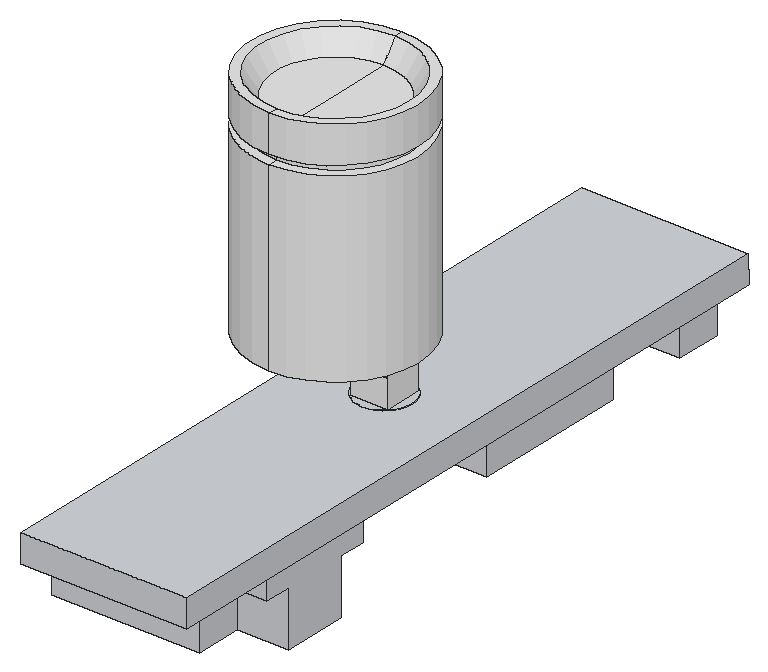
Revit family "EURS_63_LF_FB_StyliD Evo Compact ST770X_PHI", category Lighting Fixtures, host Face, Revit 2016
Family settings
  Host = Face
  Part Type = Normal
  Round Connector Dimension = Use Diameter
  Cut with Voids When Loaded = No
  Light Source = No
  Shared = Yes
  Room Calculation Point = No
Parameters (values of type "Type catalog")
  Width = 380 mm
  Voltage (V) = 230 V
  Visibility 2D symbol [instance] = not(Visibility 2D outline)  # yes
  Visibility 2D outline [instance] = no
  Rotation XZ = 0.00°
  Rotation XY = 90.00°
  Rim height = 60 mm
  Product catalog - URL = "WEBPAGE MODEL"
  Order code = "ORDER CODE"
  Light source = 2 mm
  Length = 90 mm
  Last IES update = "DATE"
  Height = 230 mm
  Fixture code = "FIXTURE CODE"
  ETIM code URL = "https://prod.etim-international.com/Class/Details?classId=EC001744&classVersion=7"
  ETIM code = "EC001744"
  EOC = "EOC CODE"
  Diameter = Length  # 90 mm
  Wattage Comments = ""
  URL = "http://www.lighting.philips.com/main/home"
  Type Comments = "Track Mount"
  Model = "ST770X"
  Manufacturer = "Philips"
  Light loss factor = ""
  Lamp = "LAMP NAME"
  Initial luminous flux (lm) = ""
  Init. Corr. Color Temperature (K) = ""
  Description = "StyliD Evo Compact"
  Default Elevation = 0 mm
  Content version = "1.0"
  Content modified date = "DATE"
  Content creation date = "26-09-2019"
  Content Creator = "https://www.cadac.com/bimcontent"
  Constraint XZ = if(Rotation XZ < 0.00°, 0.00°, if(Rotation XZ > 355.00°, 355.00°, Rotation XZ))  # 0.00°
  Constraint XY = if(Rotation XY < 15.00°, 15.00°, if(Rotation XY > 140.00°, 140.00°, Rotation XY))  # 90.00°
  Ceiling thickness = 12.5 mm
  BIM Library - URL = "http://www.lighting.philips.com/main/support/support/revit-library#page=1"
  Assembly Code = ""
  Armatuurcode [instance] = ""
  Apparent Load = 18 VA
  12NC = "12NC CODE"
Reference planes
  plane 1 "Center (Front/Back)": y = 0
  plane 2: z = 0
  plane 3 "Center (Left/Right)": x = 0
  plane 4 "Cadac Group AEC": y = 0
  plane 5 "left": x = -45
  plane 6 "right": x = 45
  plane 7 "front": y = -190
  plane 8 "back": y = 190
  plane 9: z = 60
  plane 10: z = -12.5
  plane 11: x = -40
  plane 12: x = 40
  plane 13: z = 230
Forms (mm)
  Extrusion 1, solid
    sketch origin (0, 0, 0) x (1, 0, 0) y (0, 0, 1)
      loop
        line (-45, 60) -> (-45, 45) -> (45, 45) -> (45, 60) -> (-45, 60)
    from 190 to -190
  Extrusion 2, solid
    sketch origin (0, 0, 0) x (0, 1, 0) y (0, 0, 1)
      loop
        line (-64.716, 45) -> (-129.716, 45) -> (-129.716, 30) -> (-114.716, 30) -> (-114.716, 0) -> (-79.716, 0) -> (-79.716, 30) -> (-64.716, 30) -> (-64.716, 45)
      loop
        line (19.385, 45) -> (19.385, 25) -> (104.385, 25) -> (104.385, 45) -> (19.385, 45)
      loop
        line (175, 45) -> (150, 45) -> (150, 25) -> (175, 25) -> (175, 45)
      loop
        line (-175, 45) -> (-175, 25) -> (-150, 25) -> (-150, 45) -> (-175, 45)
    from 40 to -40
Lines and regions (mm)
  reference lines
    curve 1: line (0, 0, 60) -> (0, 155, 60)
Dimensions and locks
  equal spacing: plane 8 "back", plane 1 "Center (Front/Back)", plane 7 "front"
  "Width": plane 7 "front" to plane 8 "back"
  "Rim height": host face to plane 9
  "Ceiling thickness": plane 10 to plane 2
  equal spacing: plane 5 "left", plane 3 "Center (Left/Right)", plane 6 "right"
  "Length": plane 5 "left" to plane 6 "right"
  equal spacing: plane 12, plane 3 "Center (Left/Right)", plane 11
  plane 11 to plane 12 = 80 mm
  "Height": plane 13 to plane 2
  Extrusion 1 sketch curve to Extrusion 1 sketch curve = 15 mm
  "Constraint XZ": angle curve 1 to plane 3 "Center (Left/Right)"
  aligned and locked: plane 2 to host face
  aligned and locked: level to host face
  aligned and locked: plane 4 "Cadac Group AEC" to plane 1 "Center (Front/Back)"
  aligned and locked: nested 2 to curve 1
  aligned and locked: plane 3 "Center (Left/Right)" to curve 1
  aligned and locked: plane 1 "Center (Front/Back)" to curve 1
  aligned and locked: plane 9 to Extrusion 1 sketch curve
  aligned and locked: plane 8 "back" to Extrusion 1
  aligned and locked: plane 7 "front" to Extrusion 1
  aligned and locked: Extrusion 2 to plane 12
  aligned and locked: plane 11 to Extrusion 2
Automatic sketch dimensions
  host sketch curve to host sketch curve = 727.065 mm
  host sketch curve to host sketch curve = 619.519 mm
  Extrusion 1 sketch curve to plane 5 "left" = 0 mm
  plane 6 "right" to Extrusion 1 sketch curve = 0 mm
  Extrusion 2 sketch curve to level = 0 mm
  Extrusion 2 sketch curve to plane 7 "front" = 15 mm
  Extrusion 2 sketch curve to Extrusion 2 sketch curve = 25 mm
  Extrusion 2 sketch curve to Extrusion 2 sketch curve = 20.284 mm
  Extrusion 2 sketch curve to Extrusion 2 sketch curve = 15 mm  (x3)
  Extrusion 2 sketch curve to Extrusion 2 sketch curve = 35 mm
  Extrusion 2 sketch curve to plane 1 "Center (Front/Back)" = 19.385 mm
  plane 9 to Extrusion 2 sketch curve = 15 mm  (x3)
  Extrusion 2 sketch curve to Extrusion 2 sketch curve = 85 mm
  Extrusion 2 sketch curve to plane 8 "back" = 40 mm
  Extrusion 2 sketch curve to plane 8 "back" = 15 mm
  Extrusion 2 sketch curve to Extrusion 2 sketch curve = 20 mm  (x2)
  level to Extrusion 2 sketch curve = 25 mm
  Extrusion 2 sketch curve to Extrusion 2 sketch curve = 5 mm
  level to Extrusion 2 sketch curve = 30 mm
Nested families
  nested 1: "2D-PL-Rond" at (0, 0, 0), visible <- "Visibility 2D outline", Diameters <- "Length", type "2D symbool"
    with Diameters 90 mm
  nested 2: "63_PHILIPS_Spot_StyliD" at (0, 0, 60) x (0, 1, 0) z (0, 0, -1), rotation angle ZX <- "Constraint XY", type "Spot"
    with rotation angle ZX 90.00°, spot offset 31 mm, height spot top 45 mm
  nested 3: "2D-PL-Rond + symbool + pijl" at (0, 0, 0) x (0, 1, 0) z (0, 0, 1), Diameters <- "Diameter", visible <- "Visibility 2D symbol", Constraint XZ <- "Constraint XZ", type "2D symbool"
    with radius 45 mm, Diameters 90 mm, Constraint XZ 0.00°
  nested 4: "2D-PL-peil" at (0, 0, 0) x (0, -1, 0) z (0, 0, 1), type "2D symbool"
Connectors
  electrical at (0, 0, 0), driven by "Apparent Load", driven by "Voltage (V)"
    settings: index 1, voltage 230 V, apparent load 0 VA, apparent load phase1 18 VA, apparent load phase2 0 VA, apparent load phase3 0 VA, power factor 1, load classification "Lighting", number of poles 1, system type 31, power factor state 1, is connector primary yes, connector utility no, sub classification motor no, connector description ""
Definition of nested family "63_PHILIPS_Spot_StyliD"
  Parameters (values of type "Spot")
    spot offset = 36 mm
    rotation angle ZX [instance] = 90.00°
    height spot top = 55 mm
    height spot middle = 10 mm
    height spot = 125 mm
    Radius = 45 mm
    ceiling thickness = 12.5 mm
    Wattage Comments = ""
    URL = "http://www.ecat.lighting.philips.com/l"
    Type Comments = "surface mounted"
    Model = "XXX RS530B"
    Manufacturer = "Philips"
    Description = "XXX LuxSpace"
    Default Elevation = 2800 mm
    Assembly Code = ""
  Reference planes
    plane 1 "Center (Front/Back)": y = 0
    plane 2: z = 0
    plane 3 "Center (Left/Right)": x = 0
    plane 4 "Cadac Group AEC": y = 0
    plane 5: z = 12.5
    plane 6: z = 12.5
    plane 7: z = -14
    plane 8: z = -50
  Forms (mm)
    Extrusion 1, solid
      sketch origin (0, 0, 0) x (1, 0, 0) y (0, 1, 0)
        loop
          line (-350, 290) -> (-350, -329.519) -> (377.065, -329.519) -> (377.065, 290) -> (-350, 290)
      from 0 to 12.5 <- "ceiling thickness"
    Revolve 2, solid
      sketch origin (0, 0, -14) x (0, 0, -1) y (1, 0, 0)
        loop
          line (36, -33) -> (149.915, -33) -> (149.915, 0) -> (161, 7) -> (161, 12) -> (141, 12) -> (141, 7) -> (136, 7) -> (136, 12) -> (36, 12) -> (36, -33)
        axis (36, -33) -> (161, -33)
      angle from 0 to 360
    Extrusion 3, solid
      sketch origin (0, 0, -55) x (0, 0, -1) y (1, 0, 0)
        loop
          line (-5, -6) -> (-5, 6) -> (-31.642, 6)
          arc (-31.642, 6) -> (-50.288, 0) -> (-31.642, -6) r 10.288
          line (-31.642, -6) -> (-5, -6)
      from -5 to 5
    Extrusion 4, solid
      sketch origin (0, 0, -11) x (-1, 0, 0) y (0, 0, -1)
        loop
          line (-10.381, -11) -> (10.381, -11) -> (10.381, 4)
          arc (10.381, 4) -> (0, 14.381) -> (-10.381, 4) r 10.381
          line (-10.381, 4) -> (-10.381, -11)
      from 10 to -10
    Extrusion 5, solid
      sketch origin (0, 0, 0) x (1, 0, 0) y (0, 1, 0)
        loop
          circle (0, 0) r 15
      from 0 to 5
  Lines and regions (mm)
    reference lines
      curve 1: line (0, 0, -14) -> (0, 0, -144)
      curve 2: line (0, 0, -14) -> (-108, 0, -14)
      curve 3: line (12, 0, -175) -> (-108, 0, -175)
      curve 4: line (-108, 0, -175) -> (-108, 0, -14)
      curve 5: line (12, 0, -50) -> (-108, 0, -50)
      curve 6: line (12, 0, -14) -> (12, 0, -175)
      curve 7: line (-48, 0, -175) -> (-48, 0, -14)
  Dimensions and locks
    "spot offset": curve 2 to curve 5
    curve 1 to curve 6 = 12 mm
    plane 8 to Extrusion 1 = 50 mm
    curve 3 to Revolve 2 sketch curve = 11.085 mm
    Revolve 2 sketch curve to curve 6 = 5 mm
    Revolve 2 sketch curve to Revolve 2 sketch curve = 20 mm
    Revolve 2 sketch curve to Revolve 2 sketch curve = 12 mm
    Revolve 2 sketch curve to Revolve 2 sketch curve = 5 mm
    "height spot": Revolve 2 sketch curve to Revolve 2 sketch curve
    "height spot": curve 3 to curve 5
    "rotation angle ZX": angle curve 1 to plane 7
    aligned and locked: plane 2 to Extrusion 1
    aligned and locked: level to Extrusion 1
    aligned and locked: plane 4 "Cadac Group AEC" to plane 1 "Center (Front/Back)"
    aligned and locked: plane 3 "Center (Left/Right)" to curve 1
    aligned and locked: Revolve 2 sketch curve to Revolve 2 sketch curve
    aligned and locked: Revolve 2 sketch curve to curve 3
    aligned and locked: Revolve 2 sketch curve to curve 6  (x2)
  Automatic sketch dimensions
    Extrusion 1 sketch curve to Extrusion 1 sketch curve = 727.065 mm
    Extrusion 1 sketch curve to Extrusion 1 sketch curve = 619.519 mm
    Extrusion 4 sketch curve to level = 0 mm
    plane 7 to Extrusion 4 sketch curve = 1 mm
    Extrusion 4 sketch curve to plane 3 "Center (Left/Right)" = 0 mm
    plane 3 "Center (Left/Right)" to Extrusion 4 sketch curve = 10.381 mm
    plane 1 "Center (Front/Back)" to Extrusion 5 sketch curve = 0 mm
    Extrusion 5 sketch curve to plane 3 "Center (Left/Right)" = 0 mm
    curve 1 to Extrusion 3 sketch curve = 0 mm
    curve 1 to Extrusion 3 sketch curve = 9.358 mm  (x2)
    curve 1 to Extrusion 3 sketch curve = 6 mm
    curve 1 to Extrusion 3 sketch curve = 1 mm
    Extrusion 3 sketch curve to Extrusion 3 sketch curve = 26.642 mm
    curve 1 to plane 7 = 0 mm
    curve 2 to curve 1 = 0 mm  (x2)
    curve 6 to curve 1 = 0 mm
    curve 2 to curve 1 = 108 mm
    curve 7 to curve 1 = 48 mm
    Revolve 2 sketch curve to curve 1 = 0 mm
    Revolve 2 sketch curve to curve 1 = 33 mm
    Revolve 2 sketch curve to Revolve 2 sketch curve = 5 mm
    Revolve 2 sketch curve to Revolve 2 sketch curve = 12.347 mm
    radius of Extrusion 5 sketch curve = 15 mm
  Connectors
    electrical at (0, 0, 0)
      settings: index 1, voltage 230 V, apparent load 0 VA, apparent load phase1 18 VA, apparent load phase2 0 VA, apparent load phase3 0 VA, power factor 1, load classification none, number of poles 1, system type 31, power factor state 1, is connector primary yes, connector utility no, sub classification motor no, connector description ""
Definition of nested family "2D-PL-Rond"
  Parameters (values of type "2D symbool")
    Diameters [instance] = 250 mm
    Description = "Armatuur symbool"
    Copyright © Cadac = "www.cadac.com/aec"
    Cadac content versie = ""
    Assembly Code = ""
  Reference planes
    plane 1 "Center (Front/Back)": y = 0
    plane 2: z = 0
    plane 3 "Center (Left/Right)": x = 0
  Lines and regions (mm)
    symbolic lines
      curve 1: circle (0, 0, 0) r 125 normal (0, 0, 1)
  Dimensions and locks
    "Diameters": diameter of curve 1
  Automatic sketch dimensions
    plane 1 "Center (Front/Back)" to curve 1 = 0 mm
    curve 1 to plane 3 "Center (Left/Right)" = 0 mm
Definition of nested family "2D-PL-Rond + symbool + pijl"
  Parameters (values of type "2D symbool")
    radius [instance] = Diameters / 2  # 125 mm
    Visibility 2D symbol = yes
    Diameters [instance] = 250 mm
    Description = "Armatuur symbool"
    Copyright © Cadac = "www.cadac.com/aec"
    Constraint XZ [instance] = 0.00°
    Cadac content versie = ""
    Assembly Code = ""
  Reference planes
    plane 1 "Center (Front/Back)": y = 0
    plane 2: z = 0
    plane 3 "Center (Left/Right)": x = 0
  Lines and regions (mm)
    symbolic lines
      curve 1: circle (0, 0, 0) r 125 normal (0, 0, 1)
    reference lines
      curve 2: line (0, 0, 0) -> (125, 0, 0)
  Dimensions and locks
    "Diameters": diameter of curve 1
    "Constraint XZ": angle curve 2 to plane 1 "Center (Front/Back)"
  Automatic sketch dimensions
    plane 1 "Center (Front/Back)" to curve 1 = 0 mm
    curve 1 to plane 3 "Center (Left/Right)" = 0 mm
    plane 1 "Center (Front/Back)" to curve 2 = 0 mm
    curve 2 to plane 3 "Center (Left/Right)" = 0 mm
  Nested families
    nested 1: "PL-opbouwarmatuur plafond rond" at (0, 0, 0), radius cirkel <- "radius", visible <- "Visibility 2D symbol", type "PL lichtpunt"
      with radius cirkel 125 mm, lengte symbool 162.5 mm, l1 140 mm, breedte symbool 150 mm, b1 52.5 mm, Diameters 250 mm
    nested 2: "2D-PL-peil" at (0, 0, 0) x (-1, 0, 0) z (0, 0, 1), visible <- "Visibility 2D symbol", type "2D symbool"
  Definition of nested family "PL-opbouwarmatuur plafond rond"
    Parameters (values of type "PL lichtpunt")
      radius cirkel [instance] = 200 mm
      lengte symbool [instance] = 162.5 mm
      l1 [instance] = 140 mm
      breedte symbool [instance] = radius cirkel + 25 mm  # 225 mm
      b1 [instance] = 52.5 mm
      Diameters = 74 mm
      Description = "PL lichtpunt"
      Copyright © Cadac = "www.cadac.com/aec"
      Cadac content versie = "4.0"  # constant formula
      Assembly Code = ""
    Reference planes
      plane 1 "Center (Front/Back)": y = 0
      plane 2: z = 0
      plane 3 "Center (Left/Right)": x = 0
      plane 4: y = 112.5
      plane 5: y = -112.5
    Lines and regions (mm)
      symbolic lines
        curve 1: circle (0, 0, 0) r 200 normal (0, 0, 1)
        curve 2: line (-165.359, 112.5, 0) -> (165.359, -112.5, 0)
        curve 3: line (-165.359, -112.5, 0) -> (165.359, 112.5, 0)
    Dimensions and locks
      equal spacing: plane 4, plane 1 "Center (Front/Back)", plane 5
      "breedte symbool": plane 4 to plane 5
      "radius cirkel": radius of curve 1
      aligned and locked: plane 4 to curve 2
      aligned and locked: plane 4 to curve 3
      aligned and locked: plane 5 to curve 3
      aligned and locked: plane 5 to curve 2
    Automatic sketch dimensions
      plane 1 "Center (Front/Back)" to curve 1 = 0 mm
      curve 1 to plane 3 "Center (Left/Right)" = 0 mm
  Definition of nested family "2D-PL-peil"
    Parameters (values of type "2D symbool")
      lengte = 200 mm
      Type Comments = "GEEN CALCULATIEOBJECT"
      Peil lengte = 100 mm
      Manufacturer = ""
      Description = "Armatuur 2D symbool"
      Default Elevation = 1219.2 mm
      Copyright © Cadac = "www.cadac.com/aec"
      Cadac content versie = ""
      Assembly Code = ""
    Reference planes
      plane 1 "Center (Front/Back)": y = 0
      plane 2: z = 0
      plane 3 "Center (Left/Right)": x = 0
      plane 4: y = 150
      plane 5: y = -150
      plane 6: y = 176.777
      plane 7: x = -176.777
      plane 8: x = 176.777
      plane 9: y = -176.777
      plane 10: y = 400
      plane 11: y = -191.421
      plane 12: y = -206.066
      plane 13: y = -220.711
      plane 14: y = -235.355
    Lines and regions (mm)
      symbolic lines
        curve 1: line (-200, 0, 0) -> (0, 0, 0)
        curve 2: line (-200, 0, 0) -> (-121.849, 62.389, 0)
        curve 3: line (-200, 0, 0) -> (-121.849, -62.389, 0)
      reference lines
        curve 4: line (100, -50, 0) -> (-245, -50, 0)
    Dimensions and locks
      equal spacing: plane 5, plane 1 "Center (Front/Back)", plane 4
      locked: plane 4 to plane 5 at 300
      locked: plane 7 to plane 8 at 353.553
      locked: plane 6 to plane 9 at 353.553
      equal spacing: plane 7, plane 3 "Center (Left/Right)", plane 8
      equal spacing: plane 6, plane 1 "Center (Front/Back)", plane 9
      locked: plane 1 "Center (Front/Back)" to plane 10 at 400
      equal spacing: plane 9, plane 11, plane 12, plane 13, plane 14
      locked: plane 9 to plane 14 at 58.579
      "lengte": curve 1 to curve 1
      "Peil lengte": curve 2 to curve 2
      "Peil lengte": curve 3 to curve 3
    Automatic sketch dimensions
      curve 4 to plane 7 = 68.223 mm
      plane 1 "Center (Front/Back)" to curve 4 = 50 mm
      curve 4 to plane 8 = 76.777 mm
      plane 1 "Center (Front/Back)" to curve 3 = 0 mm
      curve 1 to plane 3 "Center (Left/Right)" = 0 mm
      plane 7 to curve 2 = 54.928 mm
      plane 7 to curve 3 = 54.928 mm
Definition of nested family "2D-PL-peil"
  Parameters (values of type "2D symbool")
    lengte = 200 mm
    Type Comments = "GEEN CALCULATIEOBJECT"
    Peil lengte = 100 mm
    Manufacturer = ""
    Description = "Armatuur 2D symbool"
    Default Elevation = 1219.2 mm
    Copyright © Cadac = "www.cadac.com/aec"
    Cadac content versie = ""
    Assembly Code = ""
  Reference planes
    plane 1 "Center (Front/Back)": y = 0
    plane 2: z = 0
    plane 3 "Center (Left/Right)": x = 0
    plane 4: y = 150
    plane 5: y = -150
    plane 6: y = 176.777
    plane 7: x = -176.777
    plane 8: x = 176.777
    plane 9: y = -176.777
    plane 10: y = 400
    plane 11: y = -191.421
    plane 12: y = -206.066
    plane 13: y = -220.711
    plane 14: y = -235.355
  Lines and regions (mm)
    symbolic lines
      curve 1: line (-200, 0, 0) -> (0, 0, 0)
      curve 2: line (-200, 0, 0) -> (-121.849, 62.389, 0)
      curve 3: line (-200, 0, 0) -> (-121.849, -62.389, 0)
    reference lines
      curve 4: line (100, -50, 0) -> (-245, -50, 0)
  Dimensions and locks
    equal spacing: plane 5, plane 1 "Center (Front/Back)", plane 4
    locked: plane 4 to plane 5 at 300
    locked: plane 7 to plane 8 at 353.553
    locked: plane 6 to plane 9 at 353.553
    equal spacing: plane 7, plane 3 "Center (Left/Right)", plane 8
    equal spacing: plane 6, plane 1 "Center (Front/Back)", plane 9
    locked: plane 1 "Center (Front/Back)" to plane 10 at 400
    equal spacing: plane 9, plane 11, plane 12, plane 13, plane 14
    locked: plane 9 to plane 14 at 58.579
    "lengte": curve 1 to curve 1
    "Peil lengte": curve 2 to curve 2
    "Peil lengte": curve 3 to curve 3
  Automatic sketch dimensions
    curve 4 to plane 7 = 68.223 mm
    plane 1 "Center (Front/Back)" to curve 4 = 50 mm
    curve 4 to plane 8 = 76.777 mm
    plane 1 "Center (Front/Back)" to curve 3 = 0 mm
    curve 1 to plane 3 "Center (Left/Right)" = 0 mm
    plane 7 to curve 2 = 54.928 mm
    plane 7 to curve 3 = 54.928 mm
